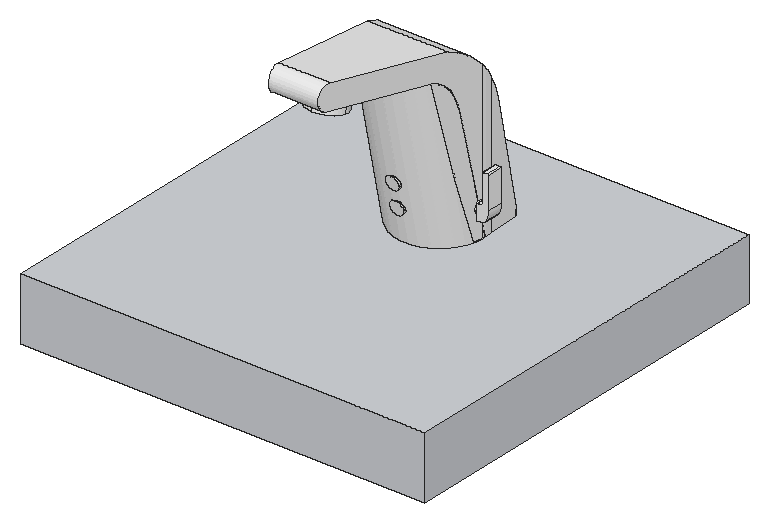
Revit family (continued)
Definition of nested family "Mixer_Handle"
  Dimensions and locks (in)
    aligned and locked: plane 18 to Masking region 3 sketch curve
    aligned and locked: plane 5 "Right" to Masking region 3 sketch curve
    aligned and locked: plane 19 to cut or joined group of Extrusion 1, Extrusion 2
    aligned and locked: plane 19 to Masking region 3 sketch curve
    aligned and locked: plane 20 to cut or joined group of Extrusion 1, Extrusion 2
    aligned and locked: plane 21 to cut or joined group of Extrusion 1, Extrusion 2
    aligned and locked: plane 22 to cut or joined group of Extrusion 1, Extrusion 2
    aligned and locked: plane 23 to cut or joined group of Extrusion 1, Extrusion 2
    aligned and locked: plane 23 to Masking region 3 sketch curve
    aligned and locked: plane 22 to Masking region 3 sketch curve
    aligned and locked: plane 24 to cut or joined group of Extrusion 1, Extrusion 2
    aligned and locked: plane 24 to Masking region 3 sketch curve
    aligned and locked: plane 1 "Back" to Masking region 4 sketch curve
    aligned and locked: Masking region 4 sketch curve to plane 5 "Right"
    aligned and locked: plane 6 "Front" to Masking region 4 sketch curve
    aligned and locked: plane 4 "Left" to Masking region 4 sketch curve
    aligned and locked: plane 4 "Left" to Masking region 5 sketch curve
    aligned and locked: plane 1 "Back" to Masking region 5 sketch curve
    aligned and locked: plane 3 "Center (Left/Right)" to Masking region 5 sketch curve  (x2)
    aligned and locked: Masking region 5 sketch curve to plane 5 "Right"
    aligned and locked: plane 6 "Front" to Masking region 5 sketch curve
    aligned and locked: plane 25 to Masking region 5 sketch curve
    aligned and locked: plane 26 to Masking region 5 sketch curve
    aligned and locked: cut or joined group of Extrusion 1, Extrusion 2 to plane 3 "Center (Left/Right)"
    aligned and locked: Masking region 6 sketch curve to plane 7 "Top"
    aligned and locked: plane 6 "Front" to Masking region 6 sketch curve
    aligned and locked: plane 2 "Bottom" to Masking region 6 sketch curve
    aligned and locked: plane 1 "Back" to Masking region 6 sketch curve
Types (3): name | Finish | Default Elevation
  (no name) | Chromel-Kohler-CP-Polished_Chrome | 0' - 0"
  Chrome-Polished_Chrome-CP | Chromel-Kohler-CP-Polished_Chrome | 0' - 0"
  Steel-Vibrant_Stainless-VS | Steel-Kohler-VS-Vibrant_Stainless | 4' - 0"
